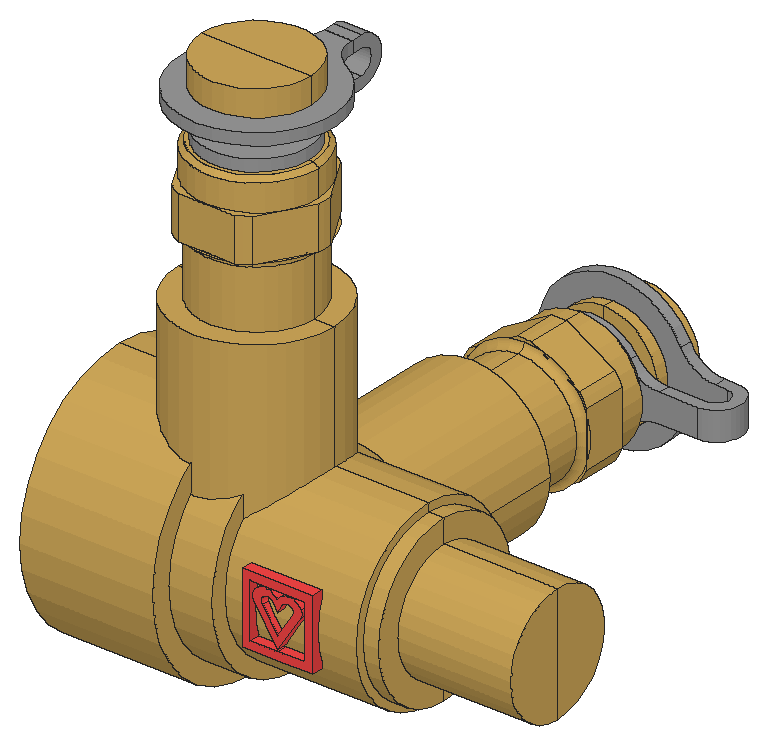
Revit family "HERZ Metering Station 4000_LF_MF", category Rohrzubehör, Revit 2021
Family settings
  Bemaßung runder Anschluss = Durchmesser verwenden
  Teiletyp = Unterbricht
  OmniClass-Nummer = 23.65.55.14
  OmniClass-Titel = Valves for Liquid Services
  Arbeitsebenenbasiert = Nein
  Immer vertikal = Ja
  Beim Laden mit Abzugskörper schneiden = Nein
  Gemeinsam genutzt = Nein
Parameters (values of type "MF")
  kvs-value [instance] = if(and(LF, Nennweite = 15.00 mm), 0.55, if(and(MF, Nennweite = 15.00 mm), 1.1, 0))  # 1.1
  Vorgabe-Ansicht = 0.00 mm
  URL = "www.herzvalves.com"
  SCRNSEQ = "AWI;AWI_TYP=\"1001\";02"
  SCRNCODE = "02;01;02"  # constant formula
  S03 = 10.00 mm  # constant formula
  S02 [instance] = S01 - 10.00 mm  # 17.50 mm
  S01 [instance] = H01  # 27.50 mm
  R01 [instance] = 10.00 mm  # constant formula
  Part number [instance] = if(and(LF, Nennweite = 15.00 mm), 1400011, if(and(MF, Nennweite = 15.00 mm), 1400021, 0))  # 1400021
  Nennweite [instance] = 15.00 mm  # constant formula
  Test point = "brass, CW602N"  # constant formula
  Model = "The metering station made of DZR brass has two measuring valves.\r\nAccording to EN 10226, the inlet has an internal thread Rp and the outlet an external thread R."
  Min. operating temperature = -20 °C  # constant formula
  Medium = "Water purity in accordance with the OeNORM H5195 and VDI 2035 standards.\r\nEthylene and propylene glycol can be mixed to a ratio of 25 - 50 vol. %."
  Max. operating pressure = 2000000.0 Pa  # constant formula
  Max. operating temperature (until DN32) = 130 °C  # constant formula
  Max. operating temperature (from DN40) = 110 °C  # constant formula
  MF = yes
  LO01 [instance] = 30.00 mm  # constant formula
  LF = no
  L05 [instance] = 23.00 mm  # constant formula
  L04 [instance] = 16.50 mm  # constant formula
  L03 [instance] = 22.60 mm  # constant formula
  L02 [instance] = 17.00 mm  # constant formula
  L01 [instance] = 17.50 mm  # constant formula
  L00 [instance] = 56.00 mm  # constant formula
  IG [instance] = Nennweite / 2  # 7.50 mm
  Hersteller = "HERZ Armaturen Ges.m.b.H."  # constant formula
  H01 [instance] = 27.50 mm  # constant formula
  GT1 [instance] = 14.50 mm  # constant formula
  GT [instance] = 13.00 mm  # constant formula
  D04 [instance] = D03 - 1.00 mm  # 10.50 mm
  D03 [instance] = 11.50 mm  # constant formula
  D02 [instance] = 13.50 mm  # constant formula
  D01 [instance] = 16.00 mm  # constant formula
  Body = "brass, CC770S"  # constant formula
  Application = "HERZ metering stations are installed in the circuit of water heating and cooling systems and enable the hydraulic balancing of the circuits with one another.\r\nThe metering stations can be used in the supply line as well as in the return line.\r\nThey are either installed closely connected to a HERZ commissioning valve to form a complete set or used in connection with a HERZ shutoff valve.\r\nThe circuit is adjusted by setting the commissioning valve while measuring the pressure loss on the metering station."
  AG [instance] = Nennweite / 2  # 7.50 mm
Types (3, lengths in mm): name | kvs-value | Part number | MF | LF
  (no name) | 1.1 | 1400021 | yes | no
  LF | 0.55 | 1400011 | no | yes
  MF | 1.1 | 1400021 | yes | no
Reference planes
  plane 1 "Mitte (Vorne/hinten)": y = 0
  plane 2: z = 0
  plane 3 "Mitte (Links/rechts)": x = 0
Forms (mm)
  Revolve 1, solid, material "Messing, weicher Gelbton, geschweißt", detail levels fine
    sketch origin (0, 0, 0) x (1, 0, 0) y (0, 0, 1)
      loop
        line (-4.5, 0) -> (38.5, 0) -> (38.5, 7.5) -> (24, 7.5) -> (24, 10.5) -> (22, 10.5) -> (22, 11.5) -> (5.1, 11.5) -> (5.1, 13.5) -> (-0.5, 13.5) -> (-0.5, 16) -> (-17.5, 16) -> (-17.5, 7.5) -> (-4.5, 7.5) -> (-4.5, 0)
      axis (-17.5, 0) -> (38.5, 0)
    angle from 0 to 360
  Revolve 2, solid, material "Messing, weicher Gelbton, geschweißt", detail levels fine
    sketch origin (0, 0, 0) x (1, 0, 0) y (0, 0, 1)
      loop
        line (-10, 7.5) -> (0, 7.5) -> (0, 27.5) -> (-10, 27.5) -> (-10, 7.5)
      axis (0, 27.5) -> (0, 7.5)
    angle from 0 to 360
  Revolve 3, solid, material "Messing, weicher Gelbton, geschweißt", detail levels fine
    sketch origin (0, 0, 0) x (1, 0, 0) y (0, 1, 0)
      loop
        line (5.5, 7.5) -> (15.5, 7.5) -> (15.5, 27.5) -> (5.5, 27.5) -> (5.5, 7.5)
      axis (5.5, 27.5) -> (5.5, 7.5)
    angle from 0 to 360
Lines and regions (mm)
  model lines, detail levels coarse+medium
    curve 1: line (-17.5, 0, 0) -> (0.5, 0, 0)
    curve 2: line (10.5, 0, -27.5) -> (10.5, 0, 27.5)
    curve 3: line (20.5, 0, 17.5) -> (20.5, 0, -17.5)
    curve 4: line (20.5, 0, 0) -> (38.5, 0, 0)
    curve 5: line (0.5, 0, 17.5) -> (0.5, 0, -17.5)
    curve 6: line (-17.5, 0, 0) -> (0.5, 0, 0)
    curve 7: line (10.5, 27.5, 0) -> (10.5, -27.5, 0)
    curve 8: line (0.5, 17.5, 0) -> (0.5, -17.5, 0)
    curve 9: line (20.5, 17.5, 0) -> (20.5, -17.5, 0)
    curve 10: line (20.5, 0, 0) -> (38.5, 0, 0)
Dimensions and locks
  "L00": Revolve 1 sketch curve to Revolve 1 sketch curve
  "GT": Revolve 1 sketch curve to Revolve 1 sketch curve
  "L01": plane 3 "Mitte (Links/rechts)" to Revolve 1 sketch curve
  "GT1": Revolve 1 sketch curve to Revolve 1 sketch curve
  "L02": Revolve 1 sketch curve to Revolve 1 sketch curve
  "L03": Revolve 1 sketch curve to Revolve 1 sketch curve
  "L04": Revolve 1 sketch curve to Revolve 1 sketch curve
  "AG": Revolve 1 sketch curve to plane 2
  "IG": Revolve 1 sketch curve to plane 2
  "D01": Revolve 1 sketch curve to plane 2
  "D02": Revolve 1 sketch curve to plane 2
  "D03": Revolve 1 sketch curve to plane 2
  "D04": Revolve 1 sketch curve to plane 2
  "D03": nested 1 to plane 1 "Mitte (Vorne/hinten)"
  "LO01": Revolve 1 to nested 1
  "IG": Revolve 2 sketch curve to plane 2
  "H01": Revolve 2 sketch curve to plane 2
  "R01": plane 3 "Mitte (Links/rechts)" to Revolve 2 sketch curve
  "H01": nested 2 to plane 2
  "IG": plane 1 "Mitte (Vorne/hinten)" to Revolve 3 sketch curve
  "H01": plane 1 "Mitte (Vorne/hinten)" to Revolve 3 sketch curve
  "R01": Revolve 3 sketch curve to Revolve 3 sketch curve
  "L05": Revolve 1 to Revolve 3 sketch curve  (x2)
  "H01": plane 1 "Mitte (Vorne/hinten)" to nested 3
  "L05": Revolve 1 to nested 3
  "L01": Revolve 1 to nested 2
  "S01": curve 2 to curve 4 to curve 2
  "L00": curve 1 to curve 4
  "S02": curve 3 to curve 4 to curve 3
  "S03": curve 2 to curve 3
  "S03": curve 2 to curve 5
  equal spacing: curve 4, curve 2, curve 1
  "S02": curve 5 to curve 1 to curve 5
  "L01": plane 3 "Mitte (Links/rechts)" to curve 1
  "L00": curve 6 to curve 10
  equal spacing: curve 6, curve 7, curve 10
  "S03": curve 8 to curve 7 to curve 9
  "S02": curve 9 to curve 10 to curve 9
  "S02": curve 8 to curve 6 to curve 8
  "S01": curve 7 to curve 10 to curve 7
  "L01": curve 6 to plane 3 "Mitte (Links/rechts)"
  aligned and locked: level to plane 2
Automatic sketch dimensions
  curve 4 to level = 0.00 mm
  curve 1 to level = 0.00 mm
  plane 1 "Mitte (Vorne/hinten)" to curve 10 = 0.00 mm
  plane 1 "Mitte (Vorne/hinten)" to curve 6 = 0.00 mm
  Revolve 1 sketch curve to level = 0.00 mm  (x2)
  Revolve 1 sketch curve to Revolve 1 sketch curve = 1489.03 mm
  Revolve 1 sketch curve to Revolve 1 sketch curve = 1800.648 mm
  Revolve 2 sketch curve to plane 3 "Mitte (Links/rechts)" = 0.00 mm  (x2)
  Revolve 2 sketch curve to level = 366.045 mm
  Revolve 2 sketch curve to Revolve 2 sketch curve = 2186.815 mm
  Revolve 3 sketch curve to Revolve 3 sketch curve = 0.00 mm  (x2)
Nested families
  nested 1: "Herz-Logo-vorne" at (12.5, -11.5, 0) x (0, 1, 0) z (0, 0, 1), type "Herz-Logo-vorne", detail levels fine
  nested 2: "Messstutzen_Band_Eintritt_senkrecht_(oben)" at (0, 0, 18.5), type "Messstutzen_Band_Eintritt_senkrecht_(oben)", detail levels fine
    with Schutzkappe yes, Nennweite 0.00 mm, Gewicht 0.00 kg, Bestellnummer 0
  nested 3: "Messstutzen_Band_Austritt_waagrecht" at (5.5, 18.5, 0) x (0, -1, 0) z (0, 0, 1), type "Messstutzen_Band_Austritt_waagrecht", detail levels fine
    with Schutzkappe yes, Nennweite 0.00 mm, Gewicht 0.00 kg, Bestellnummer 0
Connectors
  piping at (-4.5, 0, 0), diameter 15, driven by "Nennweite"
    settings: on Revolve 1, index 1, connector inside diameter 609.6 mm, connector length 0.00 mm, flow factor 0, pipe flow 0.0 L/s, pressure drop 0.0 Pa, fitting loss kfactor 0, connector angle 0.00°, fixture units 0, engagement length 0.00 mm, angle of deflection 0.00°, flow configuration 0, flow direction 1, fitting loss method 0, system type 29, joint type 0, gender type 0, connector reference index -1, connector utility 0, adjustable connector no, is connector primary yes, connector description ""
  piping at (38.5, 0, 0), diameter 15, driven by "Nennweite"
    settings: on Revolve 1, index 2, connector inside diameter 609.6 mm, connector length 0.00 mm, flow factor 0, pipe flow 0.0 L/s, pressure drop 0.0 Pa, fitting loss kfactor 0, connector angle 0.00°, fixture units 0, engagement length 0.00 mm, angle of deflection 0.00°, flow configuration 0, flow direction 2, fitting loss method 0, system type 29, joint type 0, gender type 0, connector reference index -1, connector utility 0, adjustable connector no, is connector primary no, connector description ""
Definition of nested family "Herz-Logo-vorne"
  Parameters (values of type "Herz-Logo-vorne")
    Default Elevation = 0.00 mm
  Reference planes
    plane 1 "Mitte (Vorne/hinten)": y = 0
    plane 2: z = 0
    plane 3 "Mitte (Links/rechts)": x = 0
  Forms (mm)
    Extrusion 1, solid
      sketch origin (0.732, -0.018, 0.017) x (0, -1, 0) y (0, 0, 1)
        loop
          line (-0.018, -4.517) -> (4.482, -4.517) -> (4.482, 4.483) -> (-4.518, 4.483) -> (-4.518, -4.517) -> (-0.018, -4.517)
        loop
          line (-0.05, -3.48) -> (3.482, -3.48) -> (3.482, 3.483) -> (-3.518, 3.483) -> (-3.518, -3.48) -> (-0.05, -3.48)
        loop
          arc (-0.018, 2.383) -> (-1.543, 3.287) -> (-3.067, 2.383) r 1.738
          arc (-3.067, 2.383) -> (-3.191, 1.899) -> (-3.067, 1.415) r 1.009
          line (-3.067, 1.415) -> (-0.018, -3.281) -> (3.032, 1.415)
          arc (3.032, 1.415) -> (3.156, 1.899) -> (3.032, 2.383) r 1.009
          arc (3.032, 2.383) -> (1.507, 3.287) -> (-0.018, 2.383) r 1.738
        loop
          arc (1.885, 1.272) -> (2.005, 1.675) -> (1.885, 2.079) r 0.74
          arc (1.885, 2.079) -> (1.265, 2.416) -> (0.644, 2.079) r 0.74
          line (0.644, 2.079) -> (-0.018, 0.97) -> (-0.679, 2.079)
          arc (-0.679, 2.079) -> (-1.3, 2.416) -> (-1.921, 2.079) r 0.74
          arc (-1.921, 2.079) -> (-2.04, 1.675) -> (-1.921, 1.272) r 0.74
          line (-1.921, 1.272) -> (-0.018, -1.658) -> (1.885, 1.272)
      from 0 to 1.5
  Dimensions and locks
    aligned and locked: level to plane 2
Definition of nested family "Messstutzen_Band_Eintritt_senkrecht_(oben)"
  Parameters (values of type "Messstutzen_Band_Eintritt_senkrecht_(oben)")
    Default Elevation = 0.00 mm
    URL = "www.herz-armaturen.at"
    Schutzkappe [instance] = yes
    Nennweite [instance] = 0.00 mm
    Manufacturer = "Herz Armaturen GmbH"  # constant formula
    Gewicht [instance] = 0.00 kg
    Bestellnummer [instance] = 0
  Reference planes
    plane 1 "Mitte (Vorne/hinten)": y = 0
    plane 2: z = 0
    plane 3 "Mitte (Links/rechts)": x = 0
    plane 4 "Schlaufe 1": z = -27
    plane 5 "Schlaufe 2": z = -31.678
  Forms (mm)
    Revolve 1, solid, detail levels fine
      sketch origin (0, 0, 0) x (1, 0, 0) y (0, 0, 1)
        loop
          line (-7.4, 9) -> (-5.55, 9) -> (-5.55, 6)
          arc (-5.55, 6) -> (-5.626, 5.617) -> (-5.843, 5.293) r 1
          line (-5.843, 5.293) -> (-6.455, 4.681) -> (-6.455, 0.9) -> (-5.555, 0) -> (-2, 0) -> (-2, 17.5) -> (-8.4, 17.5)
          arc (-8.4, 17.5) -> (-7.693, 17.207) -> (-7.4, 16.5) r 1
          line (-7.4, 16.5) -> (-7.4, 9)
        loop
          line (-3.7, 27) -> (-7.3, 27) -> (-7.9, 26.4) -> (-7.9, 23) -> (-2, 23) -> (-2, 35.8) -> (-3.805, 35.8) -> (-4.415, 35.19) -> (-4.415, 30.863) -> (-3.7, 30.45) -> (-3.7, 27)
        axis (0, 0) -> (0, 35.8)
      angle from 0 to 360
    Extrusion 2, solid, detail levels fine
      sketch origin (0, 0, 17.5) x (0, 1, 0) y (-1, 0, 0)
        loop
          arc (-7.07, 5.156) -> (-7.578, 4.375) -> (-8, 3.544) r 8.75
          line (-8, 3.544) -> (-8, -3.544)
          arc (-8, -3.544) -> (-7.578, -4.375) -> (-7.07, -5.156) r 8.75
          line (-7.07, -5.156) -> (-0.93, -8.7)
          arc (-0.93, -8.7) -> (0, -8.75) -> (0.93, -8.7) r 8.75
          line (0.93, -8.7) -> (7.07, -5.156)
          arc (7.07, -5.156) -> (7.578, -4.375) -> (8, -3.544) r 8.75
          line (8, -3.544) -> (8, 3.544)
          arc (8, 3.544) -> (7.578, 4.375) -> (7.07, 5.156) r 8.75
          line (7.07, 5.156) -> (0.93, 8.7)
          arc (0.93, 8.7) -> (0, 8.75) -> (-0.93, 8.7) r 8.75
          line (-0.93, 8.7) -> (-7.07, 5.156)
      from 0 to 5.5
    Revolve 3, solid, visible <- "Schutzkappe", detail levels fine
      sketch origin (0, 0, 0) x (1, 0, 0) y (0, 0, 1)
        loop
          line (0, 35.878) -> (0, 36.678) -> (-7, 36.678) -> (-7, 33.378) -> (-6.1, 33.378) -> (-6.1, 31.678) -> (-6.9, 31.678) -> (-6.9, 30.178) -> (-4.415, 30.178) -> (-4.415, 35.268) -> (-3.805, 35.878) -> (0, 35.878)
        axis (0, 30.178) -> (0, 36.678)
      angle from 0 to 360
    Extrusion 4, solid, detail levels fine
      sketch origin (0, 0, 28.5) x (1, 0, 0) y (0, 1, 0)
        loop
          circle (0, 0) r 3.7
        loop
          arc (-3.906, 5.505) -> (0, -6.75) -> (3.906, 5.505) r 6.75
          arc (3.906, 5.505) -> (2.358, 7.288) -> (1.8, 9.582) r 5
          line (1.8, 9.582) -> (-1.8, 9.582)
          arc (-1.8, 9.582) -> (-2.358, 7.288) -> (-3.906, 5.505) r 5
      from 0 to -1.5
    Extrusion 5, solid, detail levels fine
      sketch origin (0, 0, 33.178) x (1, 0, 0) y (0, 1, 0)
        loop
          circle (0, 0) r 6.1
        loop
          arc (-4.495, 8.652) -> (0, -9.75) -> (4.495, 8.652) r 9.75
          arc (4.495, 8.652) -> (2.527, 10.493) -> (1.8, 13.089) r 5
          line (1.8, 13.089) -> (-1.8, 13.089)
          arc (-1.8, 13.089) -> (-2.527, 10.493) -> (-4.495, 8.652) r 5
      from 0 to -1.5
    Sweep 6, solid, detail levels fine
      path origin (0, 0, 0) x (0, 0, -1) y (0, -1, 0)
        loop
          line (-27.75, -9.582) -> (-27.75, -14.522)
          arc (-27.75, -14.522) -> (-30.089, -16.862) -> (-32.428, -14.522) r 2.339
          line (-32.428, -14.522) -> (-32.428, -13.089)
      profile origin (0, 12.052, 27.75) x (0, 0, 1) y (1, 0, 0)
        loop
          line (-0.75, -1.8) -> (0.75, -1.8) -> (0.75, 1.8) -> (-0.75, 1.8) -> (-0.75, -1.8)
  Dimensions and locks
    aligned and locked: level to plane 2
Definition of nested family "Messstutzen_Band_Austritt_waagrecht"
  Parameters (values of type "Messstutzen_Band_Austritt_waagrecht")
    Default Elevation = 0.00 mm
    URL = "www.herz-armaturen.at"
    Schutzkappe [instance] = yes
    Nennweite [instance] = 0.00 mm
    Manufacturer = "Herz Armaturen GmbH"  # constant formula
    Gewicht [instance] = 0.00 kg
    Bestellnummer [instance] = 0
  Reference planes
    plane 1 "Mitte (Vorne/hinten)": y = 0
    plane 2: z = 0
    plane 3 "Mitte (Links/rechts)": x = 0
  Forms (mm)
    Revolve 1, solid, detail levels fine
      sketch origin (0, 0, 0) x (0, 0, -1) y (1, 0, 0)
        loop
          line (-7.4, -9) -> (-7.4, -16.5)
          arc (-7.4, -16.5) -> (-7.693, -17.207) -> (-8.4, -17.5) r 1
          line (-8.4, -17.5) -> (-2, -17.5) -> (-2, 0) -> (-5.555, 0) -> (-6.455, -0.9) -> (-6.455, -4.681) -> (-5.843, -5.293)
          arc (-5.843, -5.293) -> (-5.626, -5.617) -> (-5.55, -6) r 1
          line (-5.55, -6) -> (-5.55, -9) -> (-7.4, -9)
        loop
          line (-3.7, -27) -> (-3.7, -30.45) -> (-4.415, -30.863) -> (-4.415, -35.19) -> (-3.805, -35.8) -> (-2, -35.8) -> (-2, -23) -> (-7.9, -23) -> (-7.9, -26.4) -> (-7.3, -27) -> (-3.7, -27)
        axis (0, 0) -> (0, -35.8)
      angle from 0 to 360
    Extrusion 2, solid, detail levels fine
      sketch origin (-17.5, 0, 0) x (0, 0, 1) y (0, 1, 0)
        loop
          line (5.156, -7.07) -> (8.7, -0.93)
          arc (8.7, -0.93) -> (8.75, 0) -> (8.7, 0.93) r 8.75
          line (8.7, 0.93) -> (5.156, 7.07)
          arc (5.156, 7.07) -> (4.375, 7.578) -> (3.544, 8) r 8.75
          line (3.544, 8) -> (-3.544, 8)
          arc (-3.544, 8) -> (-4.375, 7.578) -> (-5.156, 7.07) r 8.75
          line (-5.156, 7.07) -> (-8.7, 0.93)
          arc (-8.7, 0.93) -> (-8.75, 0) -> (-8.7, -0.93) r 8.75
          line (-8.7, -0.93) -> (-5.156, -7.07)
          arc (-5.156, -7.07) -> (-4.375, -7.578) -> (-3.544, -8) r 8.75
          line (-3.544, -8) -> (3.544, -8)
          arc (3.544, -8) -> (4.375, -7.578) -> (5.156, -7.07) r 8.75
      from 0 to 5.5
    Revolve 3, solid, visible <- "Schutzkappe", detail levels fine
      sketch origin (0, 0, 0) x (0, 0, -1) y (1, 0, 0)
        loop
          line (0, -35.878) -> (-3.805, -35.878) -> (-4.415, -35.268) -> (-4.415, -30.178) -> (-6.9, -30.178) -> (-6.9, -31.678) -> (-6.1, -31.678) -> (-6.1, -33.378) -> (-7, -33.378) -> (-7, -36.678) -> (0, -36.678) -> (0, -35.878)
        axis (0, -30.178) -> (0, -36.678)
      angle from 0 to 360
    Extrusion 4, solid, detail levels fine
      sketch origin (-27, 0, 0) x (0, 1, 0) y (0, 0, 1)
        loop
          circle (0, 0) r 3.7
        loop
          arc (5.505, 3.906) -> (-6.75, 0) -> (5.505, -3.906) r 6.75
          arc (5.505, -3.906) -> (7.288, -2.358) -> (9.582, -1.8) r 5
          line (9.582, -1.8) -> (9.582, 1.8)
          arc (9.582, 1.8) -> (7.288, 2.358) -> (5.505, 3.906) r 5
      from 0 to -1.5
    Extrusion 5, solid, detail levels fine
      sketch origin (-31.678, 0, 0) x (0, 1, 0) y (0, 0, 1)
        loop
          circle (0, 0) r 6.1
        loop
          arc (8.652, 4.495) -> (-9.75, 0) -> (8.652, -4.495) r 9.75
          arc (8.652, -4.495) -> (10.493, -2.527) -> (13.089, -1.8) r 5
          line (13.089, -1.8) -> (13.089, 1.8)
          arc (13.089, 1.8) -> (10.493, 2.527) -> (8.652, 4.495) r 5
      from 0 to -1.5
    Sweep 6, solid, detail levels fine
      path origin (0, 0, 0) x (0, -1, 0) y (1, 0, 0)
        loop
          line (-9.582, -27.75) -> (-14.522, -27.75)
          arc (-14.522, -27.75) -> (-16.862, -30.089) -> (-14.522, -32.428) r 2.339
          line (-14.522, -32.428) -> (-13.089, -32.428)
      profile origin (-27.75, 12.052, 0) x (-1, 0, 0) y (0, 0, 1)
        loop
          line (-0.75, 1.8) -> (-0.75, -1.8) -> (0.75, -1.8) -> (0.75, 1.8) -> (-0.75, 1.8)
  Cuts and joins
    joined: Extrusion 4, Extrusion 5, Sweep 6
  Dimensions and locks
    aligned and locked: level to plane 2
